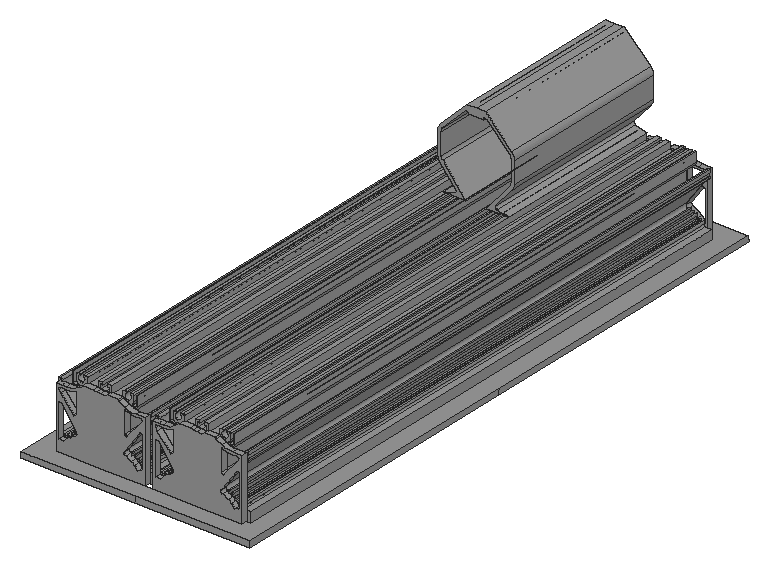
Revit family "L-street 48 Standart", category Осветительные приборы, Revit 2017 (continued)
Types (5, lengths in mm): name | built-in parameter 1150134 | Файл фотометрической сетки | built-in parameter 1150105 | Lumens | built-in parameter 1150106 | built-in parameter 1150142 | Wattage | built-in parameter 1150107 | Артикул
    43 1012.92 680.564 562.23 452.389 \r\n333.488 213.455 133.055 96.819 78.135 67.377 60.583 53.789 0.00 0.00 0.00 0.00 0.00 0.00 0.00 0.00 0.00 0.00 0.00 0.00 0.00 0.00 \r\n0.00 0.00 0.00 0.00 0.00 0.00 0.00 0.00 0.00 0.00 0.00 0.00 0.00 0.00 0.00 0.00 0.00 0.00 0.00 0.00 0.00 0.00\r\n2431.019 2486.72 2547.868 2610.15 2675.828 2741.506 2810.582 2876.26 2939.674 2995.161 3050.648 3111.797 3178.607 3252.213 3322.42 \r\n3401.687 3465.101 3480.954 3450.38 3437.924 3460.572 3475.293 3429.997 3188.799 2345.171 1302.244 803.994 628.474 503.912 364.628 \r\n220.815 130.224 95.12 79.267 69.076 62.281 54.355 0.00 0.00 0.00 0.00 0.00 0.00 0.00 0.00 0.00 0.00 0.00 0.00 0.00 0.00 0.00 0.00 \r\n0.00 0.00 0.00 0.00 0.00 0.00 0.00 0.00 0.00 0.00 0.00 0.00 0.00 0.00 0.00 0.00 0.00 0.00 0.00 0.00\r\n2431.019 2486.154 2544.471 2605.054 2669.60 2735.845 2804.354 2870.032 2931.748 2987.801 3043.854 3102.738 3163.886 3231.264 \r\n3299.207 3376.775 3453.777 3499.639 3495.11 3479.822 3492.845 3522.287 3536.442 3444.152 2934.578 1994.698 1193.535 787.008 566.193\r\n 391.806 245.162 140.416 97.385 82.098 73.039 65.679 57.186 0.00 0.00 0.00 0.00 0.00 0.00 0.00 0.00 0.00 0.00 0.00 0.00 0.00 0.00 \r\n0.00 0.00 0.00 0.00 0.00 0.00 0.00 0.00 0.00 0.00 0.00 0.00 0.00 0.00 0.00 0.00 0.00 0.00 0.00 0.00 0.00 0.00\r\n2431.019 2485.587 2541.074 2599.958 2663.372 2730.183 2798.126 2863.804 2923.821 2980.44 3037.059 3093.678 3149.165 3210.314 \r\n3275.993 3351.862 3442.453 3518.323 3539.839 3521.72 3525.118 3569.281 3642.886 3699.505 3523.985 2687.152 1583.076 945.542 628.474\r\n 418.983 269.508 150.607 99.65 84.929 77.002 69.076 60.016 0.00 0.00 0.00 0.00 0.00 0.00 0.00 0.00 0.00 0.00 0.00 0.00 0.00 0.00 \r\n0.00 0.00 0.00 0.00 0.00 0.00 0.00 0.00 0.00 0.00 0.00 0.00 0.00 0.00 0.00 0.00 0.00 0.00 0.00 0.00 0.00 0.00\r\n2431.019 2486.154 2539.376 2594.863 2656.012 2721.69 2790.199 2854.179 2913.063 2969.116 3026.868 3082.355 3135.011 3192.196 \r\n3253.345 3323.553 3407.916 3493.411 3547.766 3556.824 3561.354 3588.532 3646.283 3727.815 3710.829 3248.816 2373.481 1493.617 \r\n854.952 490.323 291.59 157.402 105.878 91.724 83.23 75.304 64.546 0.00 0.00 0.00 0.00 0.00 0.00 0.00 0.00 0.00 0.00 0.00 0.00 0.00 \r\n0.00 0.00 0.00 0.00 0.00 0.00 0.00 0.00 0.00 0.00 0.00 0.00 0.00 0.00 0.00 0.00 0.00 0.00 0.00 0.00 0.00 0.00 0.00\r\n2431.019 2486.72 2537.677 2589.767 2648.651 2713.197 2782.272 2844.554 2902.305 2957.792 3016.676 3071.031 3120.856 3174.078 \r\n3230.697 3295.243 3373.378 3468.498 3555.692 3591.928 3597.59 3607.782 3649.68 3756.124 3897.672 3810.476 3163.881 2041.689 \r\n1081.428 561.663 313.671 164.196 112.106 98.518 89.458 81.532 69.076 0.00 0.00 0.00 0.00 0.00 0.00 0.00 0.00 0.00 0.00 0.00 0.00 \r\n0.00 0.00 0.00 0.00 0.00 0.00 0.00 0.00 0.00 0.00 0.00 0.00 0.00 0.00 0.00 0.00 0.00 0.00 0.00 0.00 0.00 0.00 0.00 0.00\r\n2431.019 2487.286 2533.148 2582.973 2638.46 2700.175 2766.985 2830.399 2888.717 2945.336 3004.786 3058.575 3106.701 3156.526 \r\n3206.917 3260.139 3322.987 3401.688 3488.315 3555.692 3594.193 3616.841 3639.489 3694.409 3796.891 3837.656 3520.021 2738.675 \r\n1786.905 975.55 417.851 162.498 113.805 109.276 101.349 90.591 75.304 0.00 0.00 0.00 0.00 0.00 0.00 0.00 0.00 0.00 0.00 0.00 0.00 \r\n0.00 0.00 0.00 0.00 0.00 0.00 0.00 0.00 0.00 0.00 0.00 0.00 0.00 0.00 0.00 0.00 0.00 0.00 0.00 0.00 0.00 0.00 0.00 0.00\r\n2431.019 2487.852 2528.618 2576.178 2628.268 2687.152 2751.698 2816.244 2875.128 2932.88 2992.896 3046.118 3092.546 3138.974 \r\n3183.137 3225.035 3272.595 3334.877 3420.938 3519.456 3590.796 3625.90 3629.297 3632.694 3696.109 3864.833 3876.154 3435.654 \r\n2492.377 1389.434 522.029 160.799 115.503 120.033 113.239 99.65 81.532 0.00 0.00 0.00 0.00 0.00 0.00 0.00 0.00 0.00 0.00 0.00 0.00 \r\n0.00 0.00 0.00 0.00 0.00 0.00 0.00 0.00 0.00 0.00 0.00 0.00 0.00 0.00 0.00 0.00 0.00 0.00 0.00 0.00 0.00 0.00 0.00 0.00\r\n2431.019 2490.117 2528.618 2572.781 2623.172 2681.49 2744.338 2805.487 2860.973 2917.027 2973.08 3023.471 3067.068 3111.797 \r\n3152.563 3188.233 3225.035 3272.03 3336.576 3413.578 3485.484 3540.971 3568.148 3575.509 3592.495 3674.593 3721.587 3454.344 \r\n2733.58 1718.396 632.438 154.005 106.444 121.166 116.07 102.481 81.532 0.00 0.00 0.00 0.00 0.00 0.00 0.00 0.00 0.00 0.00 0.00 0.00 \r\n0.00 0.00 0.00 0.00 0.00 0.00 0.00 0.00 0.00 0.00 0.00 0.00 0.00 0.00 0.00 0.00 0.00 0.00 0.00 0.00 0.00 0.00 0.00 0.00\r\n2431.019 2492.382 2528.618 2569.384 2618.076 2675.828 2736.977 2794.729 2846.818 2901.173 2953.263 3000.823 3041.589 3084.619 \r\n3121.988 3151.43 3177.475 3209.182 3252.214 3307.70 3380.173 3456.043 3506.999 3518.323 3488.882 3484.353 3567.017 3473.028 \r\n2974.777 2047.352 742.844 147.21 97.385 122.298 118.901 105.312 81.532 0.00 0.00 0.00 0.00 0.00 0.00 0.00 0.00 0.00 0.00 0.00 0.00 \r\n0.00 0.00 0.00 0.00 0.00 0.00 0.00 0.00 0.00 0.00 0.00 0.00 0.00 0.00 0.00 0.00 0.00 0.00 0.00 0.00 0.00 0.00 0.00 0.00\r\n2431.019 2492.948 2524.089 2562.024 2609.584 2665.071 2724.521 2780.574 2832.664 2886.452 2937.976 2984.97 3025.736 3065.369 \r\n3099.341 3121.988 3143.504 3167.284 3195.594 3228.432 3273.162 3322.987 3362.62 3385.834 3387.533 3386.967 3400.556 3286.752 \r\n2881.923 1956.197 698.682 150.607 99.65 129.659 131.357 119.467 94.555 0.00 0.00 0.00 0.00 0.00 0.00 0.00 0.00 0.00 0.00 0.00 0.00 \r\n0.00 0.00 0.00 0.00 0.00 0.00 0.00 0.00 0.00 0.00 0.00 0.00 0.00 0.00 0.00 0.00 0.00 0.00 0.00 0.00 0.00 0.00 0.00 0.00\r\n2431.019 2493.514 2519.559 2554.663 2601.091 2654.313 2712.064 2766.419 2818.509 2871.731 2922.688 2969.116 3009.882 3046.118 \r\n3076.693 3092.546 3109.532 3125.385 3138.974 3149.165 3166.152 3189.932 3218.242 3253.346 3286.185 3289.582 3234.096 3100.475 \r\n2789.068 1865.041 654.519 154.004 101.915 137.019 143.813 133.622 107.577 0.00 0.00 0.00 0.00 0.00 0.00 0.00 0.00 0.00 0.00 0.00 \r\n0.00 0.00 0.00 0.00 0.00 0.00 0.00 0.00 0.00 0.00 0.00 0.00 0.00 0.00 0.00 0.00 0.00 0.00 0.00 0.00 0.00 0.00 0.00 0.00 0.00\r\n2431.019 2493.514 2516.162 2548.435 2593.164 2643.555 2697.343 2748.867 2799.259 2850.782 2898.908 2942.505 2981.573 3016.676 \r\n3041.589 3054.611 3066.502 3077.259 3084.053 3086.318 3088.017 3089.715 3097.076 3109.532 3118.026 3119.724 3070.466 2899.476 \r\n2555.23 1512.869 460.882 136.453 121.166 141.549 139.85 129.092 102.481 0.00 0.00 0.00 0.00 0.00 0.00 0.00 0.00 0.00 0.00 0.00 0.00\r\n 0.00 0.00 0.00 0.00 0.00 0.00 0.00 0.00 0.00 0.00 0.00 0.00 0.00 0.00 0.00 0.00 0.00 0.00 0.00 0.00 0.00 0.00 0.00 0.00\r\n2431.019 2493.514 2512.764 2542.207 2585.237 2632.797 2682.622 2731.315 2780.008 2829.833 2875.128 2915.894 2953.263 2987.234 \r\n3006.485 3016.676 3023.471 3029.132 3029.132 3023.471 3009.882 2989.499 2975.91 2965.719 2949.866 2949.866 2906.836 2698.477 \r\n2321.392 1160.697 267.244 118.901 140.416 146.078 135.886 124.562 97.385 0.00 0.00 0.00 0.00 0.00 0.00 0.00 0.00 0.00 0.00 0.00 \r\n0.00 0.00 0.00 0.00 0.00 0.00 0.00 0.00 0.00 0.00 0.00 0.00 0.00 0.00 0.00 0.00 0.00 0.00 0.00 0.00 0.00 0.00 0.00 0.00 0.00\r\n2431.019 2493.514 2508.801 2534.846 2571.649 2615.812 2662.806 2708.668 2755.096 2803.222 2846.252 2887.585 2923.821 2955.528 \r\n2972.514 2978.175 2981.007 2981.006 2976.477 2966.286 2948.167 2924.953 2905.136 2880.79 2846.252 2822.472 2747.169 2516.163 \r\n2118.695 1003.861 239.50 123.997 144.946 147.777 137.019 125.695 98.518 0.00 0.00 0.00 0.00 0.00 0.00 0.00 0.00 0.00 0.00 0.00 0.00\r\n 0.00 0.00 0.00 0.00 0.00 0.00 0.00 0.00 0.00 0.00 0.00 0.00 0.00 0.00 0.00 0.00 0.00 0.00 0.00 0.00 0.00 0.00 0.00 0.00\r\n2431.019 2493.514 2504.838 2527.485 2558.06 2598.826 2642.989 2686.02 2730.183 2776.61 2817.376 2859.275 2894.379 2923.821 2938.542\r\n 2939.674 2938.542 2932.88 2923.821 2909.10 2886.452 2860.407 2834.362 2795.861 2742.639 2695.079 2587.502 2333.848 1915.998 \r\n847.025 211.756 129.092 149.475 149.475 138.151 126.827 99.65 0.00 0.00 0.00 0.00 0.00 0.00 0.00 0.00 0.00 0.00 0.00 0.00 0.00 0.00\r\n 0.00 0.00 0.00 0.00 0.00 0.00 0.00 0.00 0.00 0.00 0.00 0.00 0.00 0.00 0.00 0.00 0.00 0.00 0.00 0.00 0.00 0.00\r\n2431.019 2493.514 2502.007 2518.993 2547.869 2584.671 2625.437 2665.071 2706.403 2748.867 2786.236 2823.605 2855.312 2880.79 \r\n2894.945 2895.511 2892.114 2888.717 2879.092 2862.672 2838.892 2813.413 2784.537 2742.639 2688.851 2636.195 2504.838 2220.609 \r\n1758.029 703.212 182.314 131.357 147.777 143.247 132.489 121.165 94.554 0.00 0.00 0.00 0.00 0.00 0.00 0.00 0.00 0.00 0.00 0.00 0.00\r\n 0.00 0.00 0.00 0.00 0.00 0.00 0.00 0.00 0.00 0.00 0.00 0.00 0.00 0.00 0.00 0.00 0.00 0.00 0.00 0.00 0.00 0.00 0.00 0.00\r\n2431.019 2493.514 2499.176 2510.50 2537.677 2570.516 2607.885 2644.121 2682.622 2721.123 2755.095 2787.934 2816.244 2837.759 \r\n2851.348 2851.348 2845.686 2844.554 2834.362 2816.244 2791.331 2766.419 2734.712 2689.417 2635.062 2577.31 2422.174 2107.37 \r\n1600.061 559.399 152.872 133.622 146.078 137.019 126.827 115.503 89.458 0.00 0.00 0.00 0.00 0.00 0.00 0.00 0.00 0.00 0.00 0.00 0.00\r\n 0.00 0.00 0.00 0.00 0.00 0.00 0.00 0.00 0.00 0.00 0.00 0.00 0.00 0.00 0.00 0.00 0.00 0.00 0.00 0.00 0.00 0.00 0.00 0.00\r\n2431.019 2498.044 2500.875 2510.50 2534.846 2565.421 2598.826 2632.798 2668.468 2703.572 2736.977 2767.551 2793.03 2812.847 2821.34\r\n 2820.208 2816.244 2815.112 2807.185 2792.464 2772.081 2751.698 2723.388 2682.057 2631.099 2573.347 2430.667 2140.21 1656.115 \r\n677.733 198.168 121.732 133.622 137.585 131.923 121.165 95.687 0.00 0.00 0.00 0.00 0.00 0.00 0.00 0.00 0.00 0.00 0.00 0.00 0.00 \r\n0.00 0.00 0.00 0.00 0.00 0.00 0.00 0.00 0.00 0.00 0.00 0.00 0.00 0.00 0.00 0.00 0.00 0.00 0.00 0.00 0.00 0.00 0.00\r\n2431.019 2502.573 2502.573 2510.50 2532.015 2560.325 2589.767 2621.474 2654.313 2686.02 2718.859 2747.168 2769.816 2787.934 \r\n2791.331 2789.067 2786.802 2785.669 2780.008 2768.684 2752.83 2736.977 2712.064 2674.696 2627.135 2569.384 2439.159 2173.049 \r\n1712.168 796.067 243.463 109.841 121.165 138.151 137.019 126.827 101.915 0.00 0.00 0.00 0.00 0.00 0.00 0.00 0.00 0.00 0.00 0.00 \r\n0.00 0.00 0.00 0.00 0.00 0.00 0.00 0.00 0.00 0.00 0.00 0.00 0.00 0.00 0.00 0.00 0.00 0.00 0.00 0.00 0.00 0.00 0.00 0.00 0.00" | 56.893 W | 4000 (stored number, unit not read) | "412107628741500"
